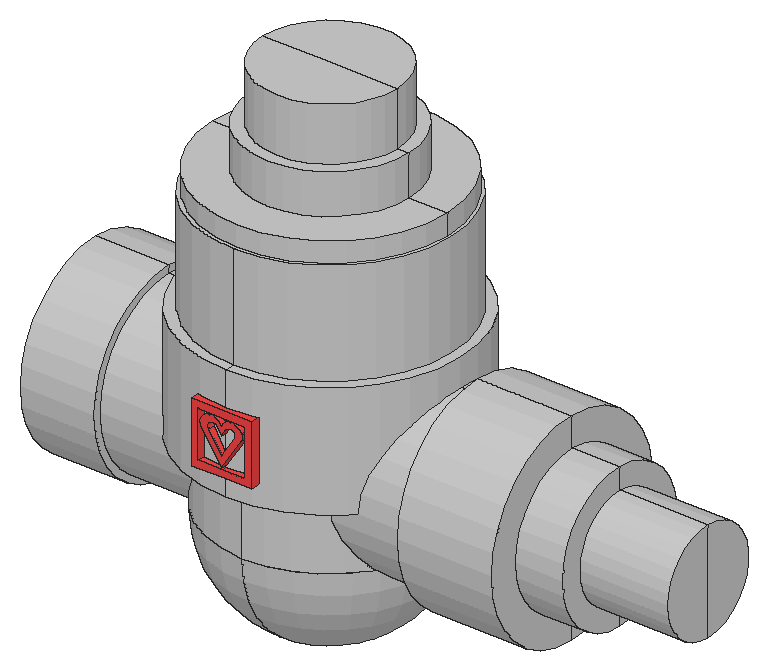
Revit family "RL-1-E Rücklaufventil DG 3723", category Rohrzubehör, Revit 2021
Family settings
  Bemaßung runder Anschluss = Durchmesser verwenden
  Teiletyp = Unterbricht
  OmniClass-Nummer = 23.65.55.14
  OmniClass-Titel = Valves for Liquid Services
  Arbeitsebenenbasiert = Nein
  Immer vertikal = Nein
  Beim Laden mit Abzugskörper schneiden = Nein
  Gemeinsam genutzt = Nein
Parameters
  Vorgabe-Ansicht = 0.000 mm
  URL = "www.herz-armaturen.at"
  Spindelabdichtung = "Doppel-O-Ring"  # constant formula
  Sitzdichtung = "weichdichtend"  # constant formula
  SCRNSEQ = "ARM;ARM_TYP=\"ALLF\";2"
  SCRNCODE = "05;01;02"  # constant formula
  S04 = 45.000 mm  # constant formula
  S03 = 61.000 mm  # constant formula
  S02 [instance] = L05 + L06 + L07  # 56.300 mm
  S01 = 10.000 mm  # constant formula
  R06 = 10.000 mm  # constant formula
  R05 = 11.750 mm  # constant formula
  R04 = 17.500 mm  # constant formula
  R03 = 16.500 mm  # constant formula
  R02 = 19.500 mm  # constant formula
  R01 = 18.000 mm  # constant formula
  Nennweite [instance] = 15.000 mm
  Medium = "Heizwasserqualität entsprechend ÖNORM H 5195 bzw. VDI-Richtllinie 2035."
  Max.Betriebstemperatur = 120 °C  # constant formula
  Max.Betriebsdruck = 1000000.0 Pa  # constant formula
  LO1 = 3.000 mm  # constant formula
  LO2 = 19.500 mm  # constant formula
  L07 [instance] = size_lookup("3723_1E_", "L7", 1.000 mm, Nennweite)  # 20.300 mm
  L06 [instance] = size_lookup("3723_1E_", "L6", 1.000 mm, Nennweite)  # 14.000 mm
  L05 [instance] = L02 - L04  # 22.000 mm
  L04 [instance] = size_lookup("3723_1E_", "L4", 1.000 mm, Nennweite)  # 11.000 mm
  L03 [instance] = size_lookup("3723_1E_", "L3", 1.000 mm, Nennweite)  # 11.000 mm
  L02 [instance] = size_lookup("3723_1E_", "L2", 1.000 mm, Nennweite)  # 33.000 mm
  L01 [instance] = size_lookup("3723_1E_", "L1", 1.000 mm, Nennweite)  # 35.000 mm
  Hersteller = "HERZ Armaturen Ges.m.b.H."  # constant formula
  H6 = 8.000 mm  # constant formula
  H07 = 14.000 mm  # constant formula
  H05 = 17.000 mm  # constant formula
  H04 [instance] = H02 - H03  # 17.000 mm
  H03 = 15.500 mm  # constant formula
  H02 [instance] = 32.500 mm  # constant formula
  H01 [instance] = 26.000 mm  # constant formula
  Gehäuse = "vernickelt"  # constant formula
  GTI [instance] = size_lookup("3723_1E_", "GT1", 1.000 mm, Nennweite)  # 13.200 mm
  GT [instance] = size_lookup("3723_1E_", "GT", 1.000 mm, Nennweite)  # 12.000 mm
  G2 [instance] = Nennweite / 2  # 7.500 mm
  G1 [instance] = Nennweite / 2  # 7.500 mm
  D05 [instance] = size_lookup("3723_1E_", "D5", 1.000 mm, Nennweite)  # 10.650 mm
  D04 [instance] = size_lookup("3723_1E_", "D4", 1.000 mm, Nennweite)  # 15.000 mm
  D03 [instance] = size_lookup("3723_1E_", "D3", 1.000 mm, Nennweite)  # 9.525 mm
  D02 [instance] = size_lookup("3723_1E_", "D2", 1.000 mm, Nennweite)  # 13.000 mm
  D01 [instance] = size_lookup("3723_1E_", "D1", 1.000 mm, Nennweite)  # 14.000 mm
  Bestellnummer [instance] = size_lookup("3723_1E_", "Artnr", 0, Nennweite)  # 1372301
  Ausführungen = "Standardmodelle mit Gewindemuffen in vernickelter Ausführung"
  Anwendungsgebiet = "Wasserheizungsanlagen. Durch den Einbau des Rücklaufventils ist der Heizkörper-Rücklaufanschluß absperrbar. Dadurch kann bei gleichzeitiger Absperrung des Vorlaufventils der Heizkörper bei unter Druck stehender Anlage demontiert werden."
Reference planes
  plane 1 "Mitte (Vorne/hinten)": y = 0
  plane 2: z = 0
  plane 3 "Mitte (Links/rechts)": x = 0
Forms (mm)
  Revolve 1, solid, material "Messing, weicher Gelbton, geschweißt", detail levels fine
    sketch origin (0, 0, 0) x (1, 0, 0) y (0, 0, 1)
      loop
        line (-23, 0) -> (33, 0) -> (33, 9.525) -> (22, 9.525) -> (22, 13) -> (-24, 13) -> (-24, 14) -> (-35, 14) -> (-35, 7.5) -> (-23, 7.5) -> (-23, 0)
      axis (-35, 0) -> (33, 0)
    angle from 0 to 360
  Revolve 2, solid, material "Messing, weicher Gelbton, geschweißt", detail levels fine
    sketch origin (0, 0, 0) x (0, 1, 0) y (0, 0, 1)
      loop
        line (0, 32.5) -> (-18, 32.5) -> (-18, 17) -> (-19.5, 17) -> (-19.5, 0) -> (-16.5, 0) -> (-16.5, -9.5)
        arc (-16.5, -9.5) -> (-11.667, -21.167) -> (0, -26) r 16.5
        line (0, -26) -> (0, 32.5)
      axis (0, -26) -> (0, 32.5)
    angle from 0 to 360
  Revolve 3, solid, material "Messing, weicher Gelbton, geschweißt", detail levels fine
    sketch origin (0, 0, 0) x (1, 0, 0) y (0, 0, 1)
      loop
        line (33, 0) -> (56.3, 0) -> (56.3, 7.5) -> (43.1, 7.5) -> (43.1, 10.65) -> (36, 10.65) -> (36, 15) -> (22, 15) -> (22, 9.525) -> (33, 9.525) -> (33, 0)
      axis (22, 0) -> (56.3, 0)
    angle from 0 to 360
  Revolve 4, solid, material "Messing, weicher Gelbton, geschweißt", detail levels medium+fine
    sketch origin (0, 0, 0) x (1, 0, 0) y (0, 0, 1)
      loop
        line (0, 32.5) -> (0, 49.5) -> (-10, 49.5) -> (-10, 41.5) -> (-11.75, 41.5) -> (-11.75, 35.5) -> (-17.5, 35.5) -> (-17.5, 32.5) -> (0, 32.5)
      axis (0, 49.5) -> (0, 32.5)
    angle from 0 to 360
Lines and regions (mm)
  model lines, detail levels coarse+medium
    curve 1: line (-35, 0, 14) -> (-35, 0, -14)
    curve 2: line (-35, 0, -14) -> (35, 0, 14)
    curve 3: line (35, 0, 14) -> (35, 0, -14)
    curve 4: line (35, 0, -14) -> (-35, 0, 14)
    curve 5: line (35, 0, 14) -> (45, 0, 14)
    curve 6: line (45, 0, 14) -> (35, 0, 0)
    curve 7: line (35, 0, -14) -> (45, 0, -14)
    curve 8: line (45, 0, -14) -> (35, 0, 0)
    curve 9: line (35, 0, 0) -> (56.3, 0, 0)
    curve 10: line (-35, 14, 0) -> (-35, -14, 0)
    curve 11: line (-35, -14, 0) -> (35, 14, 0)
    curve 12: line (35, 14, 0) -> (35, -14, 0)
    curve 13: line (35, -14, 0) -> (-35, 14, 0)
    curve 14: line (35, 14, 0) -> (45, 14, 0)
    curve 15: line (45, 14, 0) -> (35, 0, 0)
    curve 16: line (35, -14, 0) -> (45, -14, 0)
    curve 17: line (45, -14, 0) -> (35, 0, 0)
Dimensions and locks
  "L01": Revolve 1 sketch curve to plane 3 "Mitte (Links/rechts)"
  "L02": Revolve 1 sketch curve to plane 3 "Mitte (Links/rechts)"
  "G1": Revolve 1 sketch curve to plane 2
  "GT": Revolve 1 sketch curve to Revolve 1 sketch curve
  "D01": Revolve 1 sketch curve to Revolve 1 sketch curve
  "D02": Revolve 1 sketch curve to Revolve 1 sketch curve
  "D03": Revolve 1 sketch curve to Revolve 1 sketch curve
  "L03": Revolve 1 sketch curve to Revolve 1 sketch curve
  "L04": Revolve 1 sketch curve to Revolve 1 sketch curve
  "H02": Revolve 2 sketch curve to plane 2
  "D03": Revolve 3 sketch curve to plane 2
  "L04": Revolve 3 sketch curve to Revolve 3 sketch curve
  "L05": Revolve 3 sketch curve to plane 3 "Mitte (Links/rechts)"
  "L06": Revolve 3 sketch curve to Revolve 3 sketch curve
  "L07": Revolve 3 sketch curve to Revolve 3 sketch curve
  "D04": Revolve 3 sketch curve to Revolve 3 sketch curve
  "G2": Revolve 3 sketch curve to Revolve 3 sketch curve
  "D05": Revolve 3 sketch curve to Revolve 3 sketch curve
  "GTI": Revolve 3 sketch curve to Revolve 3 sketch curve
  "LO1": nested 1 to plane 2
  "D01": curve 4 to plane 2 to curve 2
  "D01": curve 3 to plane 2 to curve 4
  "L01": curve 1 to plane 3 "Mitte (Links/rechts)" to curve 3
  "S01": curve 3 to curve 6
  "S02": curve 9 to plane 3 "Mitte (Links/rechts)"
  "L01": curve 10 to plane 3 "Mitte (Links/rechts)" to curve 12
  "D01": curve 11 to plane 1 "Mitte (Vorne/hinten)" to curve 13
  "D01": curve 13 to plane 1 "Mitte (Vorne/hinten)" to curve 12
  "S01": curve 12 to curve 15
  "S01": curve 12 to curve 17
  "H03": Revolve 2 sketch curve to Revolve 2 sketch curve
  "R02": Revolve 2 sketch curve to Revolve 2 sketch curve
  "R01": Revolve 2 sketch curve to Revolve 2 sketch curve
  "H04": Revolve 2 sketch curve to Revolve 2 sketch curve
  "H01": plane 2 to Revolve 2 sketch curve
  "LO2": nested 1 to plane 1 "Mitte (Vorne/hinten)"
  "H05": Revolve 4 sketch curve to Revolve 2
  "H02": Revolve 4 sketch curve to plane 2
  "H6": Revolve 4 sketch curve to Revolve 4 sketch curve
  "H07": Revolve 4 sketch curve to Revolve 4 sketch curve
  "R06": Revolve 4 sketch curve to Revolve 4 sketch curve
  "R05": Revolve 4 sketch curve to Revolve 4 sketch curve
  "R04": Revolve 4 sketch curve to Revolve 4 sketch curve
  "R03": radius of Revolve 2 sketch curve
  aligned and locked: level to plane 2
Automatic sketch dimensions
  curve 9 to level = 0.000 mm
  curve 3 to curve 8 = 10.000 mm
  plane 1 "Mitte (Vorne/hinten)" to curve 17 = 0.000 mm
  Revolve 1 sketch curve to level = 0.000 mm  (x2)
  Revolve 1 sketch curve to Revolve 1 sketch curve = 1436.530 mm
  Revolve 1 sketch curve to Revolve 1 sketch curve = 1779.148 mm
  Revolve 2 sketch curve to plane 1 "Mitte (Vorne/hinten)" = 0.000 mm  (x2)
  Revolve 2 sketch curve to Revolve 2 sketch curve = 0.000 mm
  Revolve 2 sketch curve to Revolve 2 sketch curve = 1236.335 mm
  Revolve 3 sketch curve to level = 0.000 mm  (x2)
  Revolve 3 sketch curve to plane 3 "Mitte (Links/rechts)" = 1506.530 mm
  Revolve 3 sketch curve to Revolve 3 sketch curve = 1789.648 mm
  Revolve 4 sketch curve to plane 3 "Mitte (Links/rechts)" = 0.000 mm  (x2)
  Revolve 4 sketch curve to level = 366.045 mm
  Revolve 4 sketch curve to Revolve 4 sketch curve = 2164.815 mm
Nested families
  nested 1: "Herz-Logo-vorne" at (0, -19.5, 7.5) x (0, 1, 0) z (0, 0, 1), type "Herz-Logo-vorne", detail levels fine
Connectors
  piping at (-23, 0, 0), diameter 15, driven by "Nennweite"
    settings: on Revolve 1, index 1, connector inside diameter 609.6 mm, connector length 0.000 mm, flow factor 0, pipe flow 0.0 L/s, pressure drop 0.0 Pa, fitting loss kfactor 0, connector angle 0.00°, fixture units 0, engagement length 0.000 mm, angle of deflection 0.00°, flow configuration 0, flow direction 1, fitting loss method 0, system type 8, joint type 0, gender type 0, connector reference index -1, connector utility 0, adjustable connector no, is connector primary yes, connector description ""
  piping at (56.3, 0, 0), diameter 15, driven by "Nennweite"
    settings: on Revolve 3, index 2, connector inside diameter 609.6 mm, connector length 0.000 mm, flow factor 0, pipe flow 0.0 L/s, pressure drop 0.0 Pa, fitting loss kfactor 0, connector angle 0.00°, fixture units 0, engagement length 0.000 mm, angle of deflection 0.00°, flow configuration 0, flow direction 2, fitting loss method 0, system type 8, joint type 0, gender type 0, connector reference index -1, connector utility 0, adjustable connector no, is connector primary no, connector description ""
Definition of nested family "Herz-Logo-vorne"
  Parameters (values of type "Herz-Logo-vorne")
    Default Elevation = 0.000 mm
  Reference planes
    plane 1 "Mitte (Vorne/hinten)": y = 0
    plane 2: z = 0
    plane 3 "Mitte (Links/rechts)": x = 0
  Forms (mm)
    Extrusion 1, solid
      sketch origin (0.732, -0.018, 0.017) x (0, -1, 0) y (0, 0, 1)
        loop
          line (-0.018, -4.517) -> (4.482, -4.517) -> (4.482, 4.483) -> (-4.518, 4.483) -> (-4.518, -4.517) -> (-0.018, -4.517)
        loop
          line (-0.05, -3.48) -> (3.482, -3.48) -> (3.482, 3.483) -> (-3.518, 3.483) -> (-3.518, -3.48) -> (-0.05, -3.48)
        loop
          arc (-0.018, 2.383) -> (-1.543, 3.287) -> (-3.067, 2.383) r 1.738
          arc (-3.067, 2.383) -> (-3.191, 1.899) -> (-3.067, 1.415) r 1.009
          line (-3.067, 1.415) -> (-0.018, -3.281) -> (3.032, 1.415)
          arc (3.032, 1.415) -> (3.156, 1.899) -> (3.032, 2.383) r 1.009
          arc (3.032, 2.383) -> (1.507, 3.287) -> (-0.018, 2.383) r 1.738
        loop
          arc (1.885, 1.272) -> (2.005, 1.675) -> (1.885, 2.079) r 0.74
          arc (1.885, 2.079) -> (1.265, 2.416) -> (0.644, 2.079) r 0.74
          line (0.644, 2.079) -> (-0.018, 0.97) -> (-0.679, 2.079)
          arc (-0.679, 2.079) -> (-1.3, 2.416) -> (-1.921, 2.079) r 0.74
          arc (-1.921, 2.079) -> (-2.04, 1.675) -> (-1.921, 1.272) r 0.74
          line (-1.921, 1.272) -> (-0.018, -1.658) -> (1.885, 1.272)
      from 0 to 1.5
  Dimensions and locks
    aligned and locked: level to plane 2
